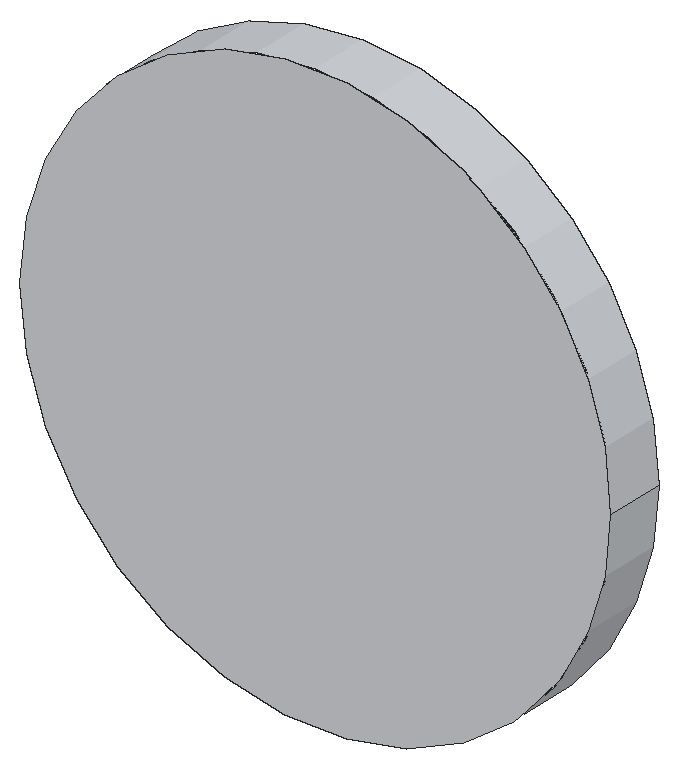
Revit family "RM-25", category Plumbing Fixtures, Revit 2014
Parameters (values of type "RM-25")
  URL = "http://helvex.com/contenido.php?producto=710"
  Type Comments = "Hand Shower"
  Total Width = 10"
  Total Length = 22.8"
  Total Depth = 1.9"
  Plastic Showerhead = Plastic
  Model = "RM-25"
  Min. Working Pressure = 14.22 psi
  Min. Water Flow = 0.66 GPM
  Max. Working Pressure = 85.34 psi
  Max. Water Flow = 2.64 GPM
  Manufacturer = "HELVEX"
  Instructive = "http://helvex.com/productos/instructivos/RM-25.pdf"
  Inlet Threads = "½\" - 14 NPT"
  Features = "Shower Medium And High Pressure; Semi-Recessed Fixture; Setting Kit Included; Adjustable Height Mechanism; Fixed Jet; Length Hose 59\" (1,5 m); With Antiscale System"
  Description = "Shower Adjustable Height With Antiscale System"
  Data Sheet = "http://helvex.com/productos/fichas/RM-25.pdf"
  Certification = "http://helvex.com/productos/vistas/RM-25.pdf"
  Brass Chromed = Brass
Reference planes (in)
  plane 1 "Center (Front/Back)": y = 0
  plane 2: z = 0
  plane 3 "Center (Left/Right)": x = 0
  plane 4: z = 74.8
Forms (in)
  Extrusion 1, solid
    sketch origin (0, 0, 0) x (1, 0, 0) y (0, 0, 1)
      loop
        circle (0, 74.8) r 0.25
    from 0 to -0.04983
Dimensions and locks (in)
  locked: plane 4 to plane 2 at 74.8
  aligned and locked: level to plane 2
Connectors (in)
  piping at (0, 0.04983, 74.8), diameter 0.5
    settings: on Extrusion 1, index 1, connector inside diameter 609.6 mm, connector length 0", flow factor 0, pipe flow 0.0 GPM, pressure drop 0.0 psi, fitting loss kfactor 0, connector angle 0.00°, fixture units 0, engagement length 0", angle of deflection 0.00°, flow configuration 2, flow direction 1, fitting loss method 0, system type 16, joint type 0, gender type 0, connector reference index -1, connector utility 0, adjustable connector no, is connector primary yes, connector description ""
